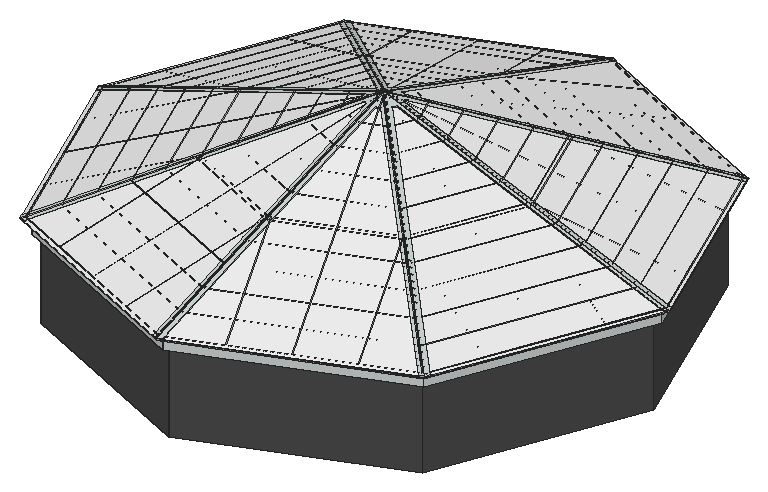
Revit family "Straight Rafter Circular Skylight", category Generic Models, host Roof, Revit 2018
Family settings
  Host = Roof
  Can host rebar = No
  Round Connector Dimension = Use Diameter
  Part Type = Normal
  Always vertical = No
  Cut with Voids When Loaded = Yes
  Shared = Yes
  Room Calculation Point = No
Parameters (values of type "KCRF Aluminum #79")
  WP To WP Input Check [instance] = 2 * sin(Angle X Input Check / 2) * (Real OCD / 2 - 0' 1")  # 0' - 0"
  WP To WP [instance] = 2 * sin(Half Angle X) * (Real OCD / 2 - 0' 1")  # 7' - 7.07866"
  Void Radius [instance] = (Real OCD / 2) - Curb Width / cos(Half Angle X) + 0' 0 1/2"  # 8' - 11.51129"
  URL = "https://www.structuresunlimitedinc.com/sui-3d-details/sui-straight-rafter-circular-skylight/"
  Top Of Rafter [instance] = Cope Height + Flat Rafter Length * tan(Hip Pitch)  # 3' - 7.23184"
  Roof Pitch [instance] = 20.00°
  Real Roof Pitch [instance] = if(Roof Pitch < 11.77°, 11.77°, if(Roof Pitch > 45.00°, 45.00°, Roof Pitch))  # 20.00°
  Real OCD [instance] = if(OCD < 12' 0", 12' 0", if(OCD > 90' 0", 90' 0", OCD))  # 20' - 0"
  Real Number Of Sides [instance] = if(WP To WP Input Check < 6' 0", Number Of Sides Calc Even, if(WP To WP Input Check > 10' 6", Number Of Sides Calc Even, Number Of Sides))  # 8
  Rafter Offset [instance] = Real OCD / 2 - 0' 1"  # 9' - 11"
  Radial Angle [instance] = 360.00° - Angle X  # 315.00°
  Panel Angle [instance] = atan(tan(90.00° - Half Angle X) / cos(Real Roof Pitch))  # 68.7323°
  OCD [instance] = 20' - 0"
  Number Of Sides Calc Even [instance] = if(Even Number Of Sides Calc, Number Of Sides Calc, Number Of Sides Calc + 1)  # 8
  Number Of Sides Calc [instance] = 360.00° / Angle X Calc  # 8
  Number Of Sides [instance] = 1
  Model = "Straight Rafter Circular Skylight"
  Manufacturer = "Structures Unlimited, Inc."
  KCRF = KCRF Aluminum #79
  Interior Curb Material [instance] = Gypsum Wall Board
  Hip Pitch [instance] = atan((tan(90.00° - Half Angle X) * tan(Real Roof Pitch)) / (1 / cos(90.00° - Half Angle X)))  # 18.586°
  Half Angle X [instance] = Angle X / 2  # 22.50°
  Flat Rafter Length [instance] = Real OCD / 2 - Comp Ring Width / 2 - (Beam Width / 2) / tan(90.00° - Half Angle X) - 0' 1"  # 9' - 2.72183"
  Exterior Curb Material [instance] = Roofing, EPDM Membrane
  Even Number Of Sides Calc [instance] = roundup(Number Of Sides Calc / 2) = rounddown(Number Of Sides Calc / 2)  # yes
  Dihedral Angle [instance] = atan(sin(Hip Pitch) / tan(90.00° - Half Angle X))  # 7.52076°
  Description = "Leave Number Of Sides at 1 for default number, custom numbers allowed that keep curb side length betwen 6' - 10'-6\""
  Curb Height [instance] = 3' - 0"
  Cope Height [instance] = 0' - 6"  # constant formula
  Comp Ring Width [instance] = (((Beam Width + 0' 1") / 2) / tan(Half Angle X)) * 2  # 1' - 2.48528"
  Beam Width [instance] = 0' - 5"  # constant formula
  Beam Height [instance] = 0' - 10"  # constant formula
  Outer Radius [instance] = Real OCD / 2  # 10' - 0"
  Inner Radius [instance] = Real OCD / 2 - Curb Width  # 9' - 0"
  Curb Width [instance] = 1' - 0"  # constant formula
  Angle X Input Check [instance] = 360.00° / Number Of Sides  # 360.00°
  Angle X Calc [instance] = 2 * asin(4' 0" / Outer Radius)  # 47.1564°
  Angle X [instance] = 360.00° / Real Number Of Sides  # 45.00°
Reference planes (in)
  plane 1 "Center (Front/Back)": y = 0
  plane 2 "Roof": z = 144
  plane 3 "Center (Left/Right)": x = 0
  plane 4: y = 0
  plane 5: z = 180
  plane 6: z = 223.23184
Lines and regions (in)
  Opening 1
    outline origin (0, 0, 150) x (0, 1, 0) y (-1, 0, 0)
      loop
        circle (0, 0) r 107.51129
Dimensions and locks (in)
  equal spacing: host sketch curve, plane 3 "Center (Left/Right)", host sketch curve
  equal spacing: host sketch curve, plane 1 "Center (Front/Back)", host sketch curve
  locked: plane 1 "Center (Front/Back)" to plane 4 at 0
  "Curb Height": plane 5 to plane 2 "Roof"
  "Top Of Rafter": plane 6 to plane 5
  locked: plane 3 "Center (Left/Right)" to nested 17 at 0
  locked: plane 1 "Center (Front/Back)" to nested 17 at 0
  locked: plane 3 "Center (Left/Right)" to nested 2 at 0
  locked: nested 2 to plane 1 "Center (Front/Back)" at 0
  locked: plane 1 "Center (Front/Back)" to nested 4 at 0
  locked: plane 3 "Center (Left/Right)" to nested 4 at 0
  locked: plane 1 "Center (Front/Back)" to Opening 1 sketch curve at 0
  locked: plane 3 "Center (Left/Right)" to Opening 1 sketch curve
  "Void Radius": radius of Opening 1 sketch curve
  "Half Angle X": angle plane 3 "Center (Left/Right)" to nested 2
  "Half Angle X": angle nested 3 to plane 3 "Center (Left/Right)"
  "Half Angle X": angle nested 4 to plane 3 "Center (Left/Right)"
  aligned and locked: plane 2 "Roof" to level
  aligned and locked: plane 5 to nested 1
  aligned and locked: plane 5 to nested 2
  aligned and locked: plane 5 to nested 4
  aligned and locked: plane 3 "Center (Left/Right)" to nested 13
  aligned and locked: nested 13 to plane 4
  aligned and locked: plane 6 to nested 13
  aligned and locked: nested 1 to plane 3 "Center (Left/Right)"
  aligned and locked: plane 1 "Center (Front/Back)" to nested 1
Nested families (in)
  nested 1: "Straight Rafter Circular Beam Array" at (0, 0, 180), Angle X <- "Angle X", Beam Height <- "Beam Height", Beam Width <- "Beam Width", Comp Ring Width <- "Comp Ring Width", Cope Height <- "Cope Height", Flat Rafter Length <- "Flat Rafter Length", Hip Pitch <- "Hip Pitch", Number Of Sides <- "Real Number Of Sides", CRF <- "KCRF", New Angle X <- "Angle X", type "Straight Rafter Circular Beam Array"
    with Number Of Sides 8, New Angle X 45.00°, Hip Pitch 18.586°, Flat Rafter Length 9' - 2.72183", Cope Height 0' - 6", Comp Ring Width 1' - 2.48528", CRF KCRF Aluminum #79, Beam Width 0' - 5", Beam Height 0' - 10", Angle X 45.00°
  nested 2: "Straight Rafter Circular Eave Strut Array" at (0, 0, 180) x (0.9239, 0.3827, 0) z (0, 0, 1), Angle X <- "Angle X", Cope Height <- "Cope Height", New Angle X <- "Angle X", Roof Pitch <- "Real Roof Pitch", WP To WP <- "WP To WP", Number Of Sides <- "Real Number Of Sides", CRF <- "KCRF", type "Straight Rafter Circular Eave Strut Array"
    with WP To WP 7' - 7.07866", Roof Pitch 20.00°, Number Of Sides 8, New Angle X 45.00°, Eave Strut Width 0' - 4", Cope Height 0' - 6", CRF KCRF Aluminum #79, Angle X 45.00°
  nested 3: "Straight Rafter Circular Curb Array" at (0, 0, 144) x (0.9239, -0.3827, 0) z (0, 0, 1), Angle X <- "Angle X", Curb Height <- "Curb Height", Curb Width <- "Curb Width", New Angle X <- "Angle X", OCD <- "Real OCD", Number Of Sides <- "Real Number Of Sides", Exterior Curb Material <- "Exterior Curb Material", Interior Curb Material <- "Interior Curb Material", type "Straight Rafter Circular Curb Array"
    with OCD 20' - 0", Number Of Sides 8, New Angle X 45.00°, Interior Curb Material Gypsum Wall Board, Exterior Curb Material Roofing, EPDM Membrane, Curb Width 1' - 0", Curb Height 3' - 0", Angle X 45.00°
  nested 4: "Straight Rafter Circular Panels Array" at (0, 0, 180) x (0.9239, -0.3827, 0) z (0, 0, 1), Panel Angle <- "Panel Angle", Number Of Sides <- "Real Number Of Sides", Cope Height <- "Cope Height", Angle X <- "Angle X", CRF <- "KCRF", New Angle X <- "Angle X", OCD <- "Real OCD", Roof Pitch <- "Real Roof Pitch", type "Straight Rafter Circular Panels Array"
    with Roof Pitch 20.00°, Panel Angle 68.7323°, OCD 20' - 0", Number Of Sides 8, New Angle X 45.00°, Cope Height 0' - 6", CRF KCRF Aluminum #79, Angle X 45.00°
  nested 5: "Straight Rafter Circular Panels Setup" at (0, 0, 180) x (0.3827, -0.9239, 0) z (0, 0, 1), type "Straight Rafter Circular Panels Setup"
    with Roof Pitch 20.00°, Panel Offset 0' - 5.32089", Panel Angle 68.7323°, OCD 20' - 0", Horizontal PD 7' - 10.48124", Half Angle X 22.50°, Cope Height 0' - 6", CTR To Strut 9' - 1.94166", CRF KCRF Aluminum #79, Angle X 45.00°
  nested 6: "Straight Rafter Circular Panels Setup" at (0, 0, 180) x (0.9239, 0.3827, 0) z (0, 0, 1), type "Straight Rafter Circular Panels Setup"
    with Roof Pitch 20.00°, Panel Offset 0' - 5.32089", Panel Angle 68.7323°, OCD 20' - 0", Horizontal PD 7' - 10.48124", Half Angle X 22.50°, Cope Height 0' - 6", CTR To Strut 9' - 1.94166", CRF KCRF Aluminum #79, Angle X 45.00°
  nested 7: "Straight Rafter Circular Panels Setup" at (0, 0, 180) x (0.9239, -0.3827, 0) z (0, 0, 1), type "Straight Rafter Circular Panels Setup"
    with Roof Pitch 20.00°, Panel Offset 0' - 5.32089", Panel Angle 68.7323°, OCD 20' - 0", Horizontal PD 7' - 10.48124", Half Angle X 22.50°, Cope Height 0' - 6", CTR To Strut 9' - 1.94166", CRF KCRF Aluminum #79, Angle X 45.00°
  nested 8: "Straight Rafter Circular Panels" at (-106.19225, -43.98627, 184.18015) x (0.3827, -0.9239, 0) z (-0.316, -0.1309, 0.9397), type "Straight Rafter Circular Panels"
    with Vertical Grid Spacing 1' - 0", Panel Skin Thickness 0' - 0.063", Panel Angle 68.7323°, Overlap Width 0' - 1 3/4", Overlap Offset 0' - 0 7/8", IBeam Width 0' - 0 1/2", IBeam Thickness 0' - 2 5/8", Horizontal PD 7' - 10.48124", Horizontal Grid Spacing 2' - 0", Half IBeam Width 0' - 0 1/4", Half Horizontal PD 3' - 11.24062", CRF KCRF Aluminum #79, Bay Spacing 8' - 0", Batten Width 0' - 2", Batten Thickness 0' - 0 1/8"
  nested 9: "Straight Rafter Circular Panels" at (43.98627, -106.19225, 184.18015) x (0.9239, 0.3827, 0) z (0.1309, -0.316, 0.9397), type "Straight Rafter Circular Panels"
    with Vertical Grid Spacing 1' - 0", Panel Skin Thickness 0' - 0.063", Panel Angle 68.7323°, Overlap Width 0' - 1 3/4", Overlap Offset 0' - 0 7/8", IBeam Width 0' - 0 1/2", IBeam Thickness 0' - 2 5/8", Horizontal PD 7' - 10.48124", Horizontal Grid Spacing 2' - 0", Half IBeam Width 0' - 0 1/4", Half Horizontal PD 3' - 11.24062", CRF KCRF Aluminum #79, Bay Spacing 8' - 0", Batten Width 0' - 2", Batten Thickness 0' - 0 1/8"
  nested 10: "Straight Rafter Circular Panels" at (-43.98627, -106.19225, 184.18015) x (0.9239, -0.3827, 0) z (-0.1309, -0.316, 0.9397), type "Straight Rafter Circular Panels"
    with Vertical Grid Spacing 1' - 0", Panel Skin Thickness 0' - 0.063", Panel Angle 68.7323°, Overlap Width 0' - 1 3/4", Overlap Offset 0' - 0 7/8", IBeam Width 0' - 0 1/2", IBeam Thickness 0' - 2 5/8", Horizontal PD 7' - 10.48124", Horizontal Grid Spacing 2' - 0", Half IBeam Width 0' - 0 1/4", Half Horizontal PD 3' - 11.24062", CRF KCRF Aluminum #79, Bay Spacing 8' - 0", Batten Width 0' - 2", Batten Thickness 0' - 0 1/8"
  nested 11: "Straight Rafter Circular Panels Setup" at (0, 0, 180) x (0.3827, 0.9239, 0) z (0, 0, 1), type "Straight Rafter Circular Panels Setup"
    with Roof Pitch 20.00°, Panel Offset 0' - 5.32089", Panel Angle 68.7323°, OCD 20' - 0", Horizontal PD 7' - 10.48124", Half Angle X 22.50°, Cope Height 0' - 6", CTR To Strut 9' - 1.94166", CRF KCRF Aluminum #79, Angle X 45.00°
  nested 12: "Straight Rafter Circular Panels" at (106.19225, -43.98627, 184.18015) x (0.3827, 0.9239, 0) z (0.316, -0.1309, 0.9397), type "Straight Rafter Circular Panels"
    with Vertical Grid Spacing 1' - 0", Panel Skin Thickness 0' - 0.063", Panel Angle 68.7323°, Overlap Width 0' - 1 3/4", Overlap Offset 0' - 0 7/8", IBeam Width 0' - 0 1/2", IBeam Thickness 0' - 2 5/8", Horizontal PD 7' - 10.48124", Horizontal Grid Spacing 2' - 0", Half IBeam Width 0' - 0 1/4", Half Horizontal PD 3' - 11.24062", CRF KCRF Aluminum #79, Bay Spacing 8' - 0", Batten Width 0' - 2", Batten Thickness 0' - 0 1/8"
  nested 13: "Straight Rafter Circular Comp Ring Array" at (0, 0, 223.23184), CRF <- "KCRF", Angle X <- "Angle X", Angle X Two <- "Angle X", Beam Height <- "Beam Height", Comp Ring Width <- "Comp Ring Width", Hip Pitch <- "Hip Pitch", Number Of Sides <- "Real Number Of Sides", type "Straight Rafter Circular Comp Ring Array"
    with Number Of Sides 8, Hip Pitch 18.586°, Comp Ring Width 1' - 2.48528", CRF KCRF Aluminum #79, Beam Height 0' - 10", Angle X Two 45.00°, Angle X 45.00°
  nested 14: "Straight Rafter Circular Curb" at (0, 0, 144) x (0.3827, 0.9239, 0) z (0, 0, 1), type "Straight Rafter Circular Curb"
    with OCD 20' - 0", Interior Curb Material Gypsum Wall Board, Half Angle X 22.50°, Exterior Curb Material Roofing, EPDM Membrane, Curb Width 1' - 0", Curb Offset 9' - 2.86554", Curb Height 3' - 0", Angle X 45.00°
  nested 15: "Straight Rafter Circular Curb" at (0, 0, 144) x (0.9239, 0.3827, 0) z (0, 0, 1), type "Straight Rafter Circular Curb"
    with OCD 20' - 0", Interior Curb Material Gypsum Wall Board, Half Angle X 22.50°, Exterior Curb Material Roofing, EPDM Membrane, Curb Width 1' - 0", Curb Offset 9' - 2.86554", Curb Height 3' - 0", Angle X 45.00°
  nested 16: "Straight Rafter Circular Curb" at (0, 0, 144) x (0.3827, -0.9239, 0) z (0, 0, 1), type "Straight Rafter Circular Curb"
    with OCD 20' - 0", Interior Curb Material Gypsum Wall Board, Half Angle X 22.50°, Exterior Curb Material Roofing, EPDM Membrane, Curb Width 1' - 0", Curb Offset 9' - 2.86554", Curb Height 3' - 0", Angle X 45.00°
  nested 17: "Straight Rafter Circular Curb" at (0, 0, 144) x (0.9239, -0.3827, 0) z (0, 0, 1), type "Straight Rafter Circular Curb"
    with OCD 20' - 0", Interior Curb Material Gypsum Wall Board, Half Angle X 22.50°, Exterior Curb Material Roofing, EPDM Membrane, Curb Width 1' - 0", Curb Offset 9' - 2.86554", Curb Height 3' - 0", Angle X 45.00°
  nested 18: "Straight Rafter Circular Beam" at (0, 0, 180) x (0, 1, 0) z (0, 0, 1), type "Straight Rafter Circular Beam"
    with Hip Pitch 18.586°, Flat Rafter Length 9' - 2.72183", Cope Height 0' - 6", Comp Ring Width 1' - 2.48528", CRF KCRF Aluminum #79, Beam Width 0' - 5", Beam Height 0' - 10"
  nested 19: "Straight Rafter Circular Beam" at (0, 0, 180) x (0.7071, 0.7071, 0) z (0, 0, 1), type "Straight Rafter Circular Beam"
    with Hip Pitch 18.586°, Flat Rafter Length 9' - 2.72183", Cope Height 0' - 6", Comp Ring Width 1' - 2.48528", CRF KCRF Aluminum #79, Beam Width 0' - 5", Beam Height 0' - 10"
  nested 20: "Straight Rafter Circular Beam" at (0, 0, 180) x (0.7071, -0.7071, 0) z (0, 0, 1), type "Straight Rafter Circular Beam"
    with Hip Pitch 18.586°, Flat Rafter Length 9' - 2.72183", Cope Height 0' - 6", Comp Ring Width 1' - 2.48528", CRF KCRF Aluminum #79, Beam Width 0' - 5", Beam Height 0' - 10"
  nested 21: "Straight Rafter Circular Beam" at (0, 0, 180), type "Straight Rafter Circular Beam"
    with Hip Pitch 18.586°, Flat Rafter Length 9' - 2.72183", Cope Height 0' - 6", Comp Ring Width 1' - 2.48528", CRF KCRF Aluminum #79, Beam Width 0' - 5", Beam Height 0' - 10"
  nested 22: "Straight Rafter Circular Beam" at (0, 0, 180) x (0, -1, 0) z (0, 0, 1), type "Straight Rafter Circular Beam"
    with Hip Pitch 18.586°, Flat Rafter Length 9' - 2.72183", Cope Height 0' - 6", Comp Ring Width 1' - 2.48528", CRF KCRF Aluminum #79, Beam Width 0' - 5", Beam Height 0' - 10"
  nested 23: "Straight Rafter Circular Beam" at (0, 0, 180) x (-0.7071, -0.7071, 0) z (0, 0, 1), type "Straight Rafter Circular Beam"
    with Hip Pitch 18.586°, Flat Rafter Length 9' - 2.72183", Cope Height 0' - 6", Comp Ring Width 1' - 2.48528", CRF KCRF Aluminum #79, Beam Width 0' - 5", Beam Height 0' - 10"
  nested 24: "Straight Rafter Circular Beam" at (0, 0, 180) x (-1, 0, 0) z (0, 0, 1), type "Straight Rafter Circular Beam"
    with Hip Pitch 18.586°, Flat Rafter Length 9' - 2.72183", Cope Height 0' - 6", Comp Ring Width 1' - 2.48528", CRF KCRF Aluminum #79, Beam Width 0' - 5", Beam Height 0' - 10"
  nested 25: "Straight Rafter Circular Beam" at (0, 0, 180) x (-0.7071, 0.7071, 0) z (0, 0, 1), type "Straight Rafter Circular Beam"
    with Hip Pitch 18.586°, Flat Rafter Length 9' - 2.72183", Cope Height 0' - 6", Comp Ring Width 1' - 2.48528", CRF KCRF Aluminum #79, Beam Width 0' - 5", Beam Height 0' - 10"
  nested 26: "Straight Rafter Circular Curb" at (0, 0, 144) x (-0.3827, -0.9239, 0) z (0, 0, 1), type "Straight Rafter Circular Curb"
    with OCD 20' - 0", Interior Curb Material Gypsum Wall Board, Half Angle X 22.50°, Exterior Curb Material Roofing, EPDM Membrane, Curb Width 1' - 0", Curb Offset 9' - 2.86554", Curb Height 3' - 0", Angle X 45.00°
  nested 27: "Straight Rafter Circular Curb" at (0, 0, 144) x (-0.9239, -0.3827, 0) z (0, 0, 1), type "Straight Rafter Circular Curb"
    with OCD 20' - 0", Interior Curb Material Gypsum Wall Board, Half Angle X 22.50°, Exterior Curb Material Roofing, EPDM Membrane, Curb Width 1' - 0", Curb Offset 9' - 2.86554", Curb Height 3' - 0", Angle X 45.00°
  nested 28: "Straight Rafter Circular Curb" at (0, 0, 144) x (-0.9239, 0.3827, 0) z (0, 0, 1), type "Straight Rafter Circular Curb"
    with OCD 20' - 0", Interior Curb Material Gypsum Wall Board, Half Angle X 22.50°, Exterior Curb Material Roofing, EPDM Membrane, Curb Width 1' - 0", Curb Offset 9' - 2.86554", Curb Height 3' - 0", Angle X 45.00°
  nested 29: "Straight Rafter Circular Curb" at (0, 0, 144) x (-0.3827, 0.9239, 0) z (0, 0, 1), type "Straight Rafter Circular Curb"
    with OCD 20' - 0", Interior Curb Material Gypsum Wall Board, Half Angle X 22.50°, Exterior Curb Material Roofing, EPDM Membrane, Curb Width 1' - 0", Curb Offset 9' - 2.86554", Curb Height 3' - 0", Angle X 45.00°
  nested 30: "Straight Rafter Circular Panels Setup" at (0, 0, 180) x (-0.3827, -0.9239, 0) z (0, 0, 1), type "Straight Rafter Circular Panels Setup"
    with Roof Pitch 20.00°, Panel Offset 0' - 5.32089", Panel Angle 68.7323°, OCD 20' - 0", Horizontal PD 7' - 10.48124", Half Angle X 22.50°, Cope Height 0' - 6", CTR To Strut 9' - 1.94166", CRF KCRF Aluminum #79, Angle X 45.00°
  nested 31: "Straight Rafter Circular Panels Setup" at (0, 0, 180) x (-0.9239, -0.3827, 0) z (0, 0, 1), type "Straight Rafter Circular Panels Setup"
    with Roof Pitch 20.00°, Panel Offset 0' - 5.32089", Panel Angle 68.7323°, OCD 20' - 0", Horizontal PD 7' - 10.48124", Half Angle X 22.50°, Cope Height 0' - 6", CTR To Strut 9' - 1.94166", CRF KCRF Aluminum #79, Angle X 45.00°
  nested 32: "Straight Rafter Circular Panels Setup" at (0, 0, 180) x (-0.9239, 0.3827, 0) z (0, 0, 1), type "Straight Rafter Circular Panels Setup"
    with Roof Pitch 20.00°, Panel Offset 0' - 5.32089", Panel Angle 68.7323°, OCD 20' - 0", Horizontal PD 7' - 10.48124", Half Angle X 22.50°, Cope Height 0' - 6", CTR To Strut 9' - 1.94166", CRF KCRF Aluminum #79, Angle X 45.00°
  nested 33: "Straight Rafter Circular Panels Setup" at (0, 0, 180) x (-0.3827, 0.9239, 0) z (0, 0, 1), type "Straight Rafter Circular Panels Setup"
    with Roof Pitch 20.00°, Panel Offset 0' - 5.32089", Panel Angle 68.7323°, OCD 20' - 0", Horizontal PD 7' - 10.48124", Half Angle X 22.50°, Cope Height 0' - 6", CTR To Strut 9' - 1.94166", CRF KCRF Aluminum #79, Angle X 45.00°
  nested 34: "Straight Rafter Circular Panels" at (-106.19225, 43.98627, 184.18015) x (-0.3827, -0.9239, 0) z (-0.316, 0.1309, 0.9397), type "Straight Rafter Circular Panels"
    with Vertical Grid Spacing 1' - 0", Panel Skin Thickness 0' - 0.063", Panel Angle 68.7323°, Overlap Width 0' - 1 3/4", Overlap Offset 0' - 0 7/8", IBeam Width 0' - 0 1/2", IBeam Thickness 0' - 2 5/8", Horizontal PD 7' - 10.48124", Horizontal Grid Spacing 2' - 0", Half IBeam Width 0' - 0 1/4", Half Horizontal PD 3' - 11.24062", CRF KCRF Aluminum #79, Bay Spacing 8' - 0", Batten Width 0' - 2", Batten Thickness 0' - 0 1/8"
  nested 35: "Straight Rafter Circular Panels" at (-43.98627, 106.19225, 184.18015) x (-0.9239, -0.3827, 0) z (-0.1309, 0.316, 0.9397), type "Straight Rafter Circular Panels"
    with Vertical Grid Spacing 1' - 0", Panel Skin Thickness 0' - 0.063", Panel Angle 68.7323°, Overlap Width 0' - 1 3/4", Overlap Offset 0' - 0 7/8", IBeam Width 0' - 0 1/2", IBeam Thickness 0' - 2 5/8", Horizontal PD 7' - 10.48124", Horizontal Grid Spacing 2' - 0", Half IBeam Width 0' - 0 1/4", Half Horizontal PD 3' - 11.24062", CRF KCRF Aluminum #79, Bay Spacing 8' - 0", Batten Width 0' - 2", Batten Thickness 0' - 0 1/8"
  nested 36: "Straight Rafter Circular Panels" at (43.98627, 106.19225, 184.18015) x (-0.9239, 0.3827, 0) z (0.1309, 0.316, 0.9397), type "Straight Rafter Circular Panels"
    with Vertical Grid Spacing 1' - 0", Panel Skin Thickness 0' - 0.063", Panel Angle 68.7323°, Overlap Width 0' - 1 3/4", Overlap Offset 0' - 0 7/8", IBeam Width 0' - 0 1/2", IBeam Thickness 0' - 2 5/8", Horizontal PD 7' - 10.48124", Horizontal Grid Spacing 2' - 0", Half IBeam Width 0' - 0 1/4", Half Horizontal PD 3' - 11.24062", CRF KCRF Aluminum #79, Bay Spacing 8' - 0", Batten Width 0' - 2", Batten Thickness 0' - 0 1/8"
  nested 37: "Straight Rafter Circular Panels" at (106.19225, 43.98627, 184.18015) x (-0.3827, 0.9239, 0) z (0.316, 0.1309, 0.9397), type "Straight Rafter Circular Panels"
    with Vertical Grid Spacing 1' - 0", Panel Skin Thickness 0' - 0.063", Panel Angle 68.7323°, Overlap Width 0' - 1 3/4", Overlap Offset 0' - 0 7/8", IBeam Width 0' - 0 1/2", IBeam Thickness 0' - 2 5/8", Horizontal PD 7' - 10.48124", Horizontal Grid Spacing 2' - 0", Half IBeam Width 0' - 0 1/4", Half Horizontal PD 3' - 11.24062", CRF KCRF Aluminum #79, Bay Spacing 8' - 0", Batten Width 0' - 2", Batten Thickness 0' - 0 1/8"
Definition of nested family "Straight Rafter Circular Eave Strut Array"
  Parameters (values of type "Straight Rafter Circular Eave Strut Array")
    WP To WP [instance] = 10' - 0"
    Roof Pitch [instance] = 22.00°
    Number Of Sides [instance] = 10
    New Angle X [instance] = 0.00°
    Eave Strut Width [instance] = 0' - 4"
    Cope Height [instance] = 0' - 6"
    CRF [instance] = none
    Angle X [instance] = 40.00°
  Reference planes (in)
    plane 1 "Center (Front/Back)": y = 0
    plane 2: z = 0
    plane 3 "Center (Left/Right)": x = 0
  Lines and regions (in)
    reference lines
      curve 1: line (0, 0, 0) -> (309.71277, -309.71277, 0)
  Dimensions and locks (in)
    locked: curve 1 to plane 1 "Center (Front/Back)" at 0
    locked: plane 3 "Center (Left/Right)" to curve 1
    "New Angle X": angle radial array to radial array
    aligned and locked: plane 2 to level
    aligned and locked: nested 1 to plane 3 "Center (Left/Right)"
    aligned and locked: nested 1 to plane 1 "Center (Front/Back)"
    aligned and locked: plane 2 to nested 1
  Automatic sketch dimensions
    plane 3 "Center (Left/Right)" to curve 1 = 25' - 9.71277"
    plane 1 "Center (Front/Back)" to curve 1 = 25' - 9.71277"
  Nested families (in)
    nested 1: "Straight Rafter Circular Eave Strut" at (0, 0, 0), WP To WP <- "WP To WP", Cope Height <- "Cope Height", Angle X <- "Angle X", CRF <- "CRF", Eave Strut Width <- "Eave Strut Width", Roof Pitch <- "Roof Pitch", type "Straight Rafter Circular Eave Strut"
      with WP To WP 10' - 0", Roof Pitch 22.00°, Ridge Width 0' - 2", Ridge Offset 0' - 8.24243", Panel Offset 0' - 5.39267", Overlap Offset 0' - 7.14267", Miter Angle 70.00°, Eave Strut Width 0' - 4", Eave Strut Offset 0' - 4.31414", Drip Offset 0' - 5.51767", Dist 2 Center 13' - 8.84865", Cope Height 0' - 6", CRF none, Angle X 40.00°
    nested 2: "Straight Rafter Circular Eave Strut" at (0, 0, 0) x (0.809, -0.5878, 0) z (0, 0, 1), WP To WP <- "WP To WP", Cope Height <- "Cope Height", Angle X <- "Angle X", CRF <- "CRF", Eave Strut Width <- "Eave Strut Width", Roof Pitch <- "Roof Pitch", type "Straight Rafter Circular Eave Strut"
      with WP To WP 10' - 0", Roof Pitch 22.00°, Ridge Width 0' - 2", Ridge Offset 0' - 8.24243", Panel Offset 0' - 5.39267", Overlap Offset 0' - 7.14267", Miter Angle 70.00°, Eave Strut Width 0' - 4", Eave Strut Offset 0' - 4.31414", Drip Offset 0' - 5.51767", Dist 2 Center 13' - 8.84865", Cope Height 0' - 6", CRF none, Angle X 40.00°
    nested 3: "Straight Rafter Circular Eave Strut" at (0, 0, 0) x (0.809, 0.5878, 0) z (0, 0, 1), WP To WP <- "WP To WP", Cope Height <- "Cope Height", Angle X <- "Angle X", CRF <- "CRF", Eave Strut Width <- "Eave Strut Width", Roof Pitch <- "Roof Pitch", type "Straight Rafter Circular Eave Strut"
      with WP To WP 10' - 0", Roof Pitch 22.00°, Ridge Width 0' - 2", Ridge Offset 0' - 8.24243", Panel Offset 0' - 5.39267", Overlap Offset 0' - 7.14267", Miter Angle 70.00°, Eave Strut Width 0' - 4", Eave Strut Offset 0' - 4.31414", Drip Offset 0' - 5.51767", Dist 2 Center 13' - 8.84865", Cope Height 0' - 6", CRF none, Angle X 40.00°
    nested 4: "Straight Rafter Circular Eave Strut" at (0, 0, 0) x (0.309, 0.9511, 0) z (0, 0, 1), WP To WP <- "WP To WP", Cope Height <- "Cope Height", Angle X <- "Angle X", CRF <- "CRF", Eave Strut Width <- "Eave Strut Width", Roof Pitch <- "Roof Pitch", type "Straight Rafter Circular Eave Strut"
      with WP To WP 10' - 0", Roof Pitch 22.00°, Ridge Width 0' - 2", Ridge Offset 0' - 8.24243", Panel Offset 0' - 5.39267", Overlap Offset 0' - 7.14267", Miter Angle 70.00°, Eave Strut Width 0' - 4", Eave Strut Offset 0' - 4.31414", Drip Offset 0' - 5.51767", Dist 2 Center 13' - 8.84865", Cope Height 0' - 6", CRF none, Angle X 40.00°
    nested 5: "Straight Rafter Circular Eave Strut" at (0, 0, 0) x (-0.309, 0.9511, 0) z (0, 0, 1), WP To WP <- "WP To WP", Cope Height <- "Cope Height", Angle X <- "Angle X", CRF <- "CRF", Eave Strut Width <- "Eave Strut Width", Roof Pitch <- "Roof Pitch", type "Straight Rafter Circular Eave Strut"
      with WP To WP 10' - 0", Roof Pitch 22.00°, Ridge Width 0' - 2", Ridge Offset 0' - 8.24243", Panel Offset 0' - 5.39267", Overlap Offset 0' - 7.14267", Miter Angle 70.00°, Eave Strut Width 0' - 4", Eave Strut Offset 0' - 4.31414", Drip Offset 0' - 5.51767", Dist 2 Center 13' - 8.84865", Cope Height 0' - 6", CRF none, Angle X 40.00°
    nested 6: "Straight Rafter Circular Eave Strut" at (0, 0, 0) x (-0.809, 0.5878, 0) z (0, 0, 1), WP To WP <- "WP To WP", Cope Height <- "Cope Height", Angle X <- "Angle X", CRF <- "CRF", Eave Strut Width <- "Eave Strut Width", Roof Pitch <- "Roof Pitch", type "Straight Rafter Circular Eave Strut"
      with WP To WP 10' - 0", Roof Pitch 22.00°, Ridge Width 0' - 2", Ridge Offset 0' - 8.24243", Panel Offset 0' - 5.39267", Overlap Offset 0' - 7.14267", Miter Angle 70.00°, Eave Strut Width 0' - 4", Eave Strut Offset 0' - 4.31414", Drip Offset 0' - 5.51767", Dist 2 Center 13' - 8.84865", Cope Height 0' - 6", CRF none, Angle X 40.00°
    nested 7: "Straight Rafter Circular Eave Strut" at (0, 0, 0) x (-1, 0, 0) z (0, 0, 1), WP To WP <- "WP To WP", Cope Height <- "Cope Height", Angle X <- "Angle X", CRF <- "CRF", Eave Strut Width <- "Eave Strut Width", Roof Pitch <- "Roof Pitch", type "Straight Rafter Circular Eave Strut"
      with WP To WP 10' - 0", Roof Pitch 22.00°, Ridge Width 0' - 2", Ridge Offset 0' - 8.24243", Panel Offset 0' - 5.39267", Overlap Offset 0' - 7.14267", Miter Angle 70.00°, Eave Strut Width 0' - 4", Eave Strut Offset 0' - 4.31414", Drip Offset 0' - 5.51767", Dist 2 Center 13' - 8.84865", Cope Height 0' - 6", CRF none, Angle X 40.00°
    nested 8: "Straight Rafter Circular Eave Strut" at (0, 0, 0) x (-0.809, -0.5878, 0) z (0, 0, 1), WP To WP <- "WP To WP", Cope Height <- "Cope Height", Angle X <- "Angle X", CRF <- "CRF", Eave Strut Width <- "Eave Strut Width", Roof Pitch <- "Roof Pitch", type "Straight Rafter Circular Eave Strut"
      with WP To WP 10' - 0", Roof Pitch 22.00°, Ridge Width 0' - 2", Ridge Offset 0' - 8.24243", Panel Offset 0' - 5.39267", Overlap Offset 0' - 7.14267", Miter Angle 70.00°, Eave Strut Width 0' - 4", Eave Strut Offset 0' - 4.31414", Drip Offset 0' - 5.51767", Dist 2 Center 13' - 8.84865", Cope Height 0' - 6", CRF none, Angle X 40.00°
    nested 9: "Straight Rafter Circular Eave Strut" at (0, 0, 0) x (-0.309, -0.9511, 0) z (0, 0, 1), WP To WP <- "WP To WP", Cope Height <- "Cope Height", Angle X <- "Angle X", CRF <- "CRF", Eave Strut Width <- "Eave Strut Width", Roof Pitch <- "Roof Pitch", type "Straight Rafter Circular Eave Strut"
      with WP To WP 10' - 0", Roof Pitch 22.00°, Ridge Width 0' - 2", Ridge Offset 0' - 8.24243", Panel Offset 0' - 5.39267", Overlap Offset 0' - 7.14267", Miter Angle 70.00°, Eave Strut Width 0' - 4", Eave Strut Offset 0' - 4.31414", Drip Offset 0' - 5.51767", Dist 2 Center 13' - 8.84865", Cope Height 0' - 6", CRF none, Angle X 40.00°
    nested 10: "Straight Rafter Circular Eave Strut" at (0, 0, 0) x (0.309, -0.9511, 0) z (0, 0, 1), WP To WP <- "WP To WP", Cope Height <- "Cope Height", Angle X <- "Angle X", CRF <- "CRF", Eave Strut Width <- "Eave Strut Width", Roof Pitch <- "Roof Pitch", type "Straight Rafter Circular Eave Strut"
      with WP To WP 10' - 0", Roof Pitch 22.00°, Ridge Width 0' - 2", Ridge Offset 0' - 8.24243", Panel Offset 0' - 5.39267", Overlap Offset 0' - 7.14267", Miter Angle 70.00°, Eave Strut Width 0' - 4", Eave Strut Offset 0' - 4.31414", Drip Offset 0' - 5.51767", Dist 2 Center 13' - 8.84865", Cope Height 0' - 6", CRF none, Angle X 40.00°
  Definition of nested family "Straight Rafter Circular Eave Strut"
    Parameters (values of type "Straight Rafter Circular Eave Strut")
      WP To WP [instance] = 7' - 8.087"
      Roof Pitch [instance] = 11.00°
      Ridge Width [instance] = 0' - 2"
      Ridge Offset [instance] = 0' 3" / tan(Angle X / 2)  # 0' - 11.19615"
      Panel Offset [instance] = 0' 5" / cos(Roof Pitch)  # 0' - 5.09358"
      Overlap Offset [instance] = Panel Offset + 0' 1 3/4"  # 0' - 6.84358"
      Miter Angle [instance] = 90.00° - Angle X / 2  # 75.00°
      Eave Strut Width [instance] = 0' - 4"
      Eave Strut Offset [instance] = Eave Strut Width / cos(Roof Pitch)  # 0' - 4.07487"
      Drip Offset [instance] = Panel Offset + 0' 0 1/8"  # 0' - 5.21858"
      Dist 2 Center [instance] = (WP To WP / 2) / tan(Angle X / 2)  # 14' - 3.83668"
      Cope Height [instance] = 0' - 7"
      CRF [instance] = none
      Angle X [instance] = 30.00°
    Reference planes (in)
      plane 1 "Center (Front/Back)": y = 0
      plane 2: z = 0
      plane 3 "Center (Left/Right)": x = 0
      plane 4: x = -46.0435
      plane 5: x = 46.0435
      plane 6: y = -171.83668
      plane 7: y = -175.83668
      plane 8: z = 7
      plane 9: x = -146.0435
      plane 10: x = 146.0435
      plane 11: x = -136.0435
      plane 12: x = 136.0435
      plane 13: z = 4000
      plane 14: y = 0
      plane 15: z = -50
      plane 16: y = -225.83668
      plane 17: y = -11.19615
    Forms (in)
      Extrusion 1, solid, material <- "CRF"
        sketch origin (0, 0, 0) x (0, 1, 0) y (0, 0, 1)
          loop
            line (-175.83668, 0) -> (-171.83668, 0) -> (-171.83668, 7) -> (-175.83668, 6.22248) -> (-175.83668, 0)
        from -120.66508 to 120.66508
      Extrusion 2, void
        sketch origin (0, 0, 0) x (1, 0, 0) y (0, 1, 0)
          loop
            line (-146.0435, -545.04176) -> (0, 0) -> (-146.0435, 0) -> (-146.0435, -545.04176)
        from -50 to 4000
      Extrusion 3, void
        sketch origin (0, 0, 0) x (1, 0, 0) y (0, 1, 0)
          loop
            line (0, 0) -> (146.0435, -545.04176) -> (146.0435, 0) -> (0, 0)
        from -50 to 4000
      Extrusion 4, void
        sketch origin (0, 0, 0) x (1, 0, 0) y (0, 1, 0)
          loop
            line (-58.4422, -225.83668) -> (58.4422, -225.83668) -> (0.92945, -11.19615) -> (-0.92945, -11.19615) -> (-58.4422, -225.83668)
        from -50 to 4000
      Extrusion 5, solid, material <- "CRF"
        sketch origin (0, 0, 0) x (0, 1, 0) y (0, 0, 1)
          loop
            line (-175.83668, 6.22248) -> (-176.83668, 6.0281) -> (-177.34948, 8.66622) -> (-179.06733, 8.33231) -> (-179.04348, 8.2096) -> (-177.44833, 8.51967) -> (-176.93553, 5.88154) -> (-175.81283, 6.09978) -> (-175.83668, 6.22248)
        from -136.0435 to 136.0435
      Extrusion 6, solid, material <- "CRF"
        sketch origin (0, 0, 0) x (0, 1, 0) y (0, 0, 1)
          loop
            line (-179.07925, 8.39366) -> (0, 43.20314) -> (0, 43.33048) -> (-179.1031, 8.51636) -> (-179.07925, 8.39366)
        from -136.0435 to 136.0435
    Cuts and joins
      Extrusion 2, Extrusion 3 cuts Extrusion 1
      Extrusion 2, Extrusion 3 cuts Extrusion 5
      Extrusion 2, Extrusion 3, Extrusion 4 cuts Extrusion 6
    Lines and regions (in)
      reference lines
        curve 1: line (0, -171.83668, 7) -> (0, -267.79074, -11.65158)
        curve 2: line (46.0435, -171.83668, 0) -> (0, 0, 0)
        curve 3: line (-46.0435, -171.83668, 0) -> (0, 0, 0)
        curve 4: line (0, -171.83668, 7) -> (0, -207.47026, 190.31888)
        curve 5: line (0, -156.84599, -97.47022) -> (0, -177.70049, 9.8169)
        curve 6: line (0, 289.573, 99.29942) -> (0, -234.18928, -2.50966)
        curve 7: line (0, -96.16445, -403.65562) -> (0, -172.39264, -11.49556)
        curve 8: line (0, -108.54419, 19.17547) -> (0, -178.53068, 5.57148)
        curve 9: line (0, -171.87483, -28.66991) -> (0, -179.56426, 10.88878)
        curve 10: line (0, -174.77743, -4.56582) -> (0, -177.44876, 9.17696)
        curve 11: line (0, -162.02479, 11.70871) -> (0, -227.79381, -1.07549)
        curve 12: line (0, -162.08205, 11.63391) -> (0, -231.17839, -1.79706)
        curve 13: line (0, -109.85293, 21.97723) -> (0, -463.92083, -46.8466)
        curve 14: line (103.43329, -393.74569, 0) -> (-50.30522, 180.01425, 0)
        curve 15: line (-38.85434, -152.73378, 0) -> (43.45011, 154.43063, 0)
    Dimensions and locks (in)
      "Eave Strut Width": plane 6 to plane 7
      equal spacing: plane 4, plane 3 "Center (Left/Right)", plane 5
      "Cope Height": plane 8 to plane 2
      "WP To WP": plane 4 to plane 5
      locked: plane 9 to plane 4 at 100
      locked: plane 5 to plane 10 at 100
      locked: plane 3 "Center (Left/Right)" to curve 3 at 0
      locked: curve 3 to plane 4
      locked: plane 5 to curve 2
      locked: plane 12 to plane 10 at 10
      locked: plane 9 to plane 11 at 10
      locked: plane 13 to plane 2 at 4000
      "Dist 2 Center": plane 14 to plane 6
      locked: plane 2 to plane 15 at 50
      locked: plane 7 to plane 16 at 50
      locked: curve 8 to curve 1 at 0.125
      locked: curve 1 to curve 11 at 2.75
      locked: curve 1 to curve 12 at 2.6875
      locked: curve 1 to curve 6 at 2.5625
      locked: curve 1 to curve 13 at 2.875
      "Eave Strut Offset": curve 7 to curve 4
      "Panel Offset": curve 10 to curve 4
      "Drip Offset": curve 5 to curve 4
      "Overlap Offset": curve 9 to curve 4
      "Ridge Width": curve 15 to curve 3
      "Ridge Width": curve 2 to curve 14
      "Ridge Offset": plane 14 to plane 17
      locked: plane 8 to curve 1
      locked: curve 1 to plane 6
      "Miter Angle": angle curve 2 to plane 6
      "Miter Angle": angle plane 6 to curve 3
      "Roof Pitch": angle curve 1 to plane 2
      "Roof Pitch": angle curve 13 to plane 2
      "Roof Pitch": angle curve 6 to plane 2
      "Roof Pitch": angle curve 8 to plane 2
      "Roof Pitch": angle curve 12 to plane 2
      "Roof Pitch": angle curve 11 to plane 2
      "Roof Pitch": angle curve 4 to plane 1 "Center (Front/Back)"
      "Roof Pitch": angle curve 10 to plane 1 "Center (Front/Back)"
      "Roof Pitch": angle curve 5 to plane 1 "Center (Front/Back)"
      "Roof Pitch": angle curve 9 to plane 1 "Center (Front/Back)"
      "Roof Pitch": angle curve 7 to plane 1 "Center (Front/Back)"
      "Miter Angle": angle curve 14 to plane 1 "Center (Front/Back)"
      "Miter Angle": angle plane 1 "Center (Front/Back)" to curve 15
      aligned and locked: level to plane 2
      aligned and locked: Extrusion 1 sketch curve to plane 7
      aligned and locked: curve 1 to Extrusion 1 sketch curve
      aligned and locked: plane 6 to Extrusion 1 sketch curve
      aligned and locked: Extrusion 1 sketch curve to plane 2
      aligned and locked: Extrusion 2 sketch curve to curve 3
      aligned and locked: Extrusion 2 sketch curve to plane 9
      aligned and locked: plane 13 to Extrusion 2
      aligned and locked: Extrusion 3 sketch curve to curve 2
      aligned and locked: Extrusion 3 sketch curve to plane 10
      aligned and locked: plane 13 to Extrusion 3
      aligned and locked: Extrusion 2 sketch curve to plane 14
      aligned and locked: Extrusion 3 sketch curve to plane 14
      aligned and locked: Extrusion 2 to plane 15
      aligned and locked: Extrusion 2 to Extrusion 3
      aligned and locked: Extrusion 4 sketch curve to plane 16
      aligned and locked: Extrusion 4 to plane 15
      aligned and locked: plane 13 to Extrusion 4
      aligned and locked: curve 1 to Extrusion 5 sketch curve
      aligned and locked: curve 7 to Extrusion 5 sketch curve
      aligned and locked: curve 8 to Extrusion 5 sketch curve
      aligned and locked: curve 10 to Extrusion 5 sketch curve
      aligned and locked: curve 5 to Extrusion 5 sketch curve
      aligned and locked: curve 6 to Extrusion 5 sketch curve
      aligned and locked: curve 12 to Extrusion 5 sketch curve
      aligned and locked: curve 9 to Extrusion 5 sketch curve
      aligned and locked: plane 11 to Extrusion 5
      aligned and locked: Extrusion 5 to plane 12
      aligned and locked: curve 9 to Extrusion 6 sketch curve
      aligned and locked: Extrusion 6 sketch curve to curve 11
      aligned and locked: Extrusion 6 sketch curve to curve 13
      aligned and locked: plane 14 to Extrusion 6 sketch curve
      aligned and locked: Extrusion 6 to plane 11
      aligned and locked: Extrusion 6 to plane 12
      aligned and locked: curve 14 to Extrusion 4 sketch curve
      aligned and locked: Extrusion 4 sketch curve to curve 15
      aligned and locked: Extrusion 4 sketch curve to plane 17
      aligned and locked: plane 14 to plane 1 "Center (Front/Back)"
    Automatic sketch dimensions
      plane 15 to curve 13 = 0' - 3.1534"
      curve 6 to plane 16 = 0' - 8.3526"
      curve 6 to curve 12 = 0' - 3.01089"
      curve 11 to plane 16 = 0' - 1.95713"
      plane 8 to curve 9 = 0' - 3.88878"
      plane 8 to curve 5 = 0' - 2.8169"
      plane 8 to curve 10 = 0' - 2.17696"
      curve 7 to plane 6 = 0' - 0.55596"
      curve 3 to plane 6 = 0' - 0"
      curve 14 to plane 4 = 0' - 4 67/256"
      plane 4 to curve 15 = 0' - 7.18916"
Definition of nested family "Straight Rafter Circular Panels"
  Parameters (values of type "Straight Rafter Circular Panels")
    Vertical Grid Spacing [instance] = 1' - 0"  # constant formula
    Panel Skin Thickness [instance] = 0' - 0.063"  # constant formula
    Panel Angle [instance] = 72.00°
    Overlap Width [instance] = 0' - 1 3/4"  # constant formula
    Overlap Offset [instance] = Overlap Width / 2  # 0' - 0 7/8"
    IBeam Width [instance] = 0' - 0 1/2"  # constant formula
    IBeam Thickness [instance] = 0' - 2 5/8"  # constant formula
    Horizontal PD [instance] = 10' - 0"
    Horizontal Grid Spacing [instance] = Bay Spacing / 4  # 2' - 0"
    Half IBeam Width [instance] = IBeam Width / 2  # 0' - 0 1/4"
    Half Horizontal PD [instance] = Horizontal PD / 2  # 5' - 0"
    Default Elevation = 4' - 0"
    CRF [instance] = none
    Bay Spacing [instance] = 8' - 0"
    Batten Width [instance] = 0' - 2"  # constant formula
    Batten Thickness [instance] = 0' - 0 1/8"  # constant formula
  Reference planes (in)
    plane 1 "Center (Front/Back)": y = 0
    plane 2: z = 0
    plane 3 "Center (Left/Right)": x = 0
    plane 4 "Left Panel": x = -60
    plane 5 "Right Panel": x = 60
    plane 6: z = 0.063
    plane 7: z = 2.688
    plane 8: z = 2.751
    plane 9: y = -1.75
    plane 10 "Left Outside": x = -200
    plane 11 "Right Outside": x = 200
    plane 12: y = 0.25
    plane 13 "Max Top PD": y = 1080
    plane 14 "Max Left PD": x = -176
    plane 15 "Max Right PD": x = 176
    plane 16 "Top Outside": y = 1104
    plane 17: x = -24
    plane 18: x = -48
    plane 19: x = -72
    plane 20: x = -96
    plane 21: x = -120
    plane 22: x = -144
    plane 23: x = 24
    plane 24: x = 48
    plane 25: x = 72
    plane 26: x = 96
    plane 27: x = 120
    plane 28: x = 144
    plane 29: y = 12.25
    plane 30: y = 24.25
    plane 31: y = 36.25
    plane 32: y = 48.25
    plane 33: y = 60.25
    plane 34: y = 72.25
    plane 35: y = 84.25
    plane 36: y = 96.25
    plane 37: y = 108.25
    plane 38: z = 2.876
    plane 39: z = -0.125
    plane 40 "Bot Max": y = -36
    plane 41 "Bot Outside": y = -48
    plane 42: y = 120.25
    plane 43: y = 132.25
    plane 44: y = 144.25
    plane 45: y = 156.25
    plane 46: y = 168.25
    plane 47: y = 180.25
    plane 48: y = 192.25
    plane 49: y = 204.25
    plane 50: y = 216.25
    plane 51: y = 228.25
    plane 52: y = 240.25
    plane 53: y = 252.25
    plane 54: y = 264.25
    plane 55: y = 276.25
    plane 56: y = 288.25
    plane 57: y = 300.25
    plane 58: y = 312.25
    plane 59: y = 324.25
    plane 60: y = 336.25
    plane 61: y = 348.25
    plane 62: y = 360.25
    plane 63: y = 372.25
    plane 64: y = 384.25
    plane 65: y = 396.25
    plane 66: y = 408.25
    plane 67: y = 420.25
    plane 68: y = 432.25
    plane 69: y = 444.25
    plane 70: y = 456.25
    plane 71: y = 468.25
    plane 72: y = 480.25
    plane 73: y = 492.25
    plane 74: y = 504.25
    plane 75: y = 516.25
    plane 76: y = 528.25
    plane 77: y = 540.25
    plane 78: y = 552.25
    plane 79: y = 564.25
    plane 80: y = 576.25
    plane 81: y = 588.25
    plane 82: y = 600.25
    plane 83: y = 612.25
    plane 84: y = 624.25
    plane 85: y = 636.25
    plane 86: y = 648.25
    plane 87: y = 660.25
  Forms (in)
    Extrusion 1, solid
      sketch origin (0, 0, 0) x (1, 0, 0) y (0, 1, 0)
        loop
          line (176, 0) -> (176, 1080) -> (-176, 1080) -> (-176, 0) -> (176, 0)
      from 0.063 to 0
    Extrusion 2, solid
      sketch origin (0, 0, 0) x (1, 0, 0) y (0, 1, 0)
        loop
          line (176, -1.75) -> (176, 1080) -> (-176, 1080) -> (-176, -1.75) -> (176, -1.75)
      from 2.688 to 2.751
    Sweep 3, solid
      path origin (0, 0, 0) x (1, 0, 0) y (0, 1, 0)
        loop
          line (-176, 1080) -> (-176, 0.25) -> (-144, 0.25) -> (-144, 1080) -> (-120, 1080) -> (-120, 0.25) -> (-96, 0.25) -> (-96, 1080) -> (-72, 1080) -> (-72, 0.25) -> (-48, 0.25) -> (-48, 1080) -> (-24, 1080) -> (-24, 0.25) -> (0, 0.25) -> (0, 1080) -> (24, 1080) -> (24, 0.25) -> (48, 0.25) -> (48, 1080) -> (72, 1080) -> (72, 0.25) -> (96, 0.25) -> (96, 1080) -> (120, 1080) -> (120, 0.25) -> (144, 0.25) -> (144, 1080) -> (176, 1080) -> (176, 0.25)
      profile origin (-176, 540.125, 0) x (1, 0, 0) y (0, 0, 1)
        loop
          line (0.25, 0.063) -> (0.25, 2.688) -> (-0.25, 2.688) -> (-0.25, 0.063) -> (0.25, 0.063)
    Sweep 4, solid
      path origin (0, 0, 0) x (1, 0, 0) y (0, 1, 0)
        loop
          line (-176, 1080) -> (176, 1080) -> (176, 660.25) -> (-176, 660.25) -> (-176, 648.25) -> (176, 648.25) -> (176, 636.25) -> (-176, 636.25) -> (-176, 624.25) -> (176, 624.25) -> (176, 612.25) -> (-176, 612.25) -> (-176, 600.25) -> (176, 600.25) -> (176, 588.25) -> (-176, 588.25) -> (-176, 576.25) -> (176, 576.25) -> (176, 564.25) -> (-176, 564.25) -> (-176, 552.25) -> (176, 552.25) -> (176, 540.25) -> (-176, 540.25) -> (-176, 528.25) -> (176, 528.25) -> (176, 516.25) -> (-176, 516.25) -> (-176, 504.25) -> (176, 504.25) -> (176, 492.25) -> (-176, 492.25) -> (-176, 480.25) -> (176, 480.25) -> (176, 468.25) -> (-176, 468.25) -> (-176, 456.25) -> (176, 456.25) -> (176, 444.25) -> (-176, 444.25) -> (-176, 432.25) -> (176, 432.25) -> (176, 420.25) -> (-176, 420.25) -> (-176, 408.25) -> (176, 408.25) -> (176, 396.25) -> (-176, 396.25) -> (-176, 384.25) -> (176, 384.25) -> (176, 372.25) -> (-176, 372.25) -> (-176, 360.25) -> (176, 360.25) -> (176, 348.25) -> (-176, 348.25) -> (-176, 336.25) -> (176, 336.25) -> (176, 324.25) -> (-176, 324.25) -> (-176, 312.25) -> (176, 312.25) -> (176, 300.25) -> (-176, 300.25) -> (-176, 288.25) -> (176, 288.25) -> (176, 276.25) -> (-176, 276.25) -> (-176, 264.25) -> (176, 264.25) -> (176, 252.25) -> (-176, 252.25) -> (-176, 240.25) -> (176, 240.25) -> (176, 228.25) -> (-176, 228.25) -> (-176, 216.25) -> (176, 216.25) -> (176, 204.25) -> (-176, 204.25) -> (-176, 192.25) -> (176, 192.25) -> (176, 180.25) -> (-176, 180.25) -> (-176, 168.25) -> (176, 168.25) -> (176, 156.25) -> (-176, 156.25) -> (-176, 144.25) -> (176, 144.25) -> (176, 132.25) -> (-176, 132.25) -> (-176, 120.25) -> (176, 120.25) -> (176, 108.25) -> (-176, 108.25) -> (-176, 96.25) -> (176, 96.25) -> (176, 84.25) -> (-176, 84.25) -> (-176, 72.25) -> (176, 72.25) -> (176, 60.25) -> (-176, 60.25) -> (-176, 48.25) -> (176, 48.25) -> (176, 36.25) -> (-176, 36.25) -> (-176, 24.25) -> (176, 24.25) -> (176, 12.25) -> (-176, 12.25) -> (-176, 0.25) -> (176, 0.25)
      profile origin (0, 0.25, 0) x (0, 1, 0) y (0, 0, 1)
        loop
          line (-0.25, 2.688) -> (-0.25, 0.063) -> (0.25, 0.063) -> (0.25, 2.688) -> (-0.25, 2.688)
    Extrusion 5, void
      sketch origin (0, 0, 0) x (1, 0, 0) y (0, 1, 0)
        loop
          line (-60.56861, -1.75) -> (0, 184.66101) -> (60.56861, -1.75) -> (200, -1.75) -> (200, 1104) -> (-200, 1104) -> (-200, -1.75) -> (-60.56861, -1.75)
      from -0.125 to 2.876
    Sweep 6, solid, material <- "CRF"
      path origin (0, 0, 0) x (1, 0, 0) y (0, 1, 0)
        loop
          line (-176, 1079.125) -> (176, 1079.125) -> (176, 659.375) -> (-176, 659.375) -> (-176, 599.375) -> (176, 599.375) -> (176, 539.375) -> (-176, 539.375) -> (-176, 479.375) -> (176, 479.375) -> (176, 419.375) -> (-176, 419.375) -> (-176, 359.375) -> (176, 359.375) -> (176, 299.375) -> (-176, 299.375) -> (-176, 239.375) -> (176, 239.375) -> (176, 179.375) -> (-176, 179.375) -> (-176, 119.375) -> (176, 119.375) -> (176, 59.375) -> (-176, 59.375)
      profile origin (0, 59.375, 0) x (0, -1, 0) y (0, 0, 1)
        loop
          line (-0.875, 2.688) -> (-0.875, -0.125) -> (0.875, -0.125) -> (0.875, 2.688) -> (-0.875, 2.688)
  Cuts and joins
    Extrusion 5 cuts Sweep 4
    Extrusion 5 cuts Sweep 3
    Extrusion 5 cuts Extrusion 2
    Extrusion 5 cuts Extrusion 1
    Extrusion 5 cuts Sweep 6
  Lines and regions (in)
    reference lines
      curve 1: line (-60, 0, 0) -> (38.2674, 302.43597, 0)
      curve 2: line (60, 0, 0) -> (-80.91175, 433.68177, 0)
  Dimensions and locks (in)
    locked: plane 1 "Center (Front/Back)" to curve 1
    locked: plane 4 "Left Panel" to curve 1
    locked: plane 5 "Right Panel" to curve 2
    locked: plane 1 "Center (Front/Back)" to curve 2 at 0
    "Panel Skin Thickness": plane 6 to plane 2
    "IBeam Thickness": plane 7 to plane 6
    "Panel Skin Thickness": plane 8 to plane 7
    "Half Horizontal PD": plane 4 "Left Panel" to plane 3 "Center (Left/Right)"
    "Half Horizontal PD": plane 3 "Center (Left/Right)" to plane 5 "Right Panel"
    "Overlap Width": plane 1 "Center (Front/Back)" to plane 9
    locked: plane 10 "Left Outside" to plane 3 "Center (Left/Right)" at 200
    locked: plane 3 "Center (Left/Right)" to plane 11 "Right Outside" at 200
    "Half IBeam Width": plane 1 "Center (Front/Back)" to plane 12
    locked: plane 1 "Center (Front/Back)" to plane 13 "Max Top PD" at 1080
    equal spacing: Sweep 3 sketch curve, profile plane, Sweep 3 sketch curve
    "IBeam Width": Sweep 3 sketch curve to Sweep 3 sketch curve
    "IBeam Width": Sweep 4 sketch curve to Sweep 4 sketch curve
    equal spacing: Sweep 4 sketch curve, plane 12, Sweep 4 sketch curve
    "Batten Thickness": plane 38 to plane 8
    "Batten Thickness": plane 2 to plane 39
    locked: plane 40 "Bot Max" to plane 1 "Center (Front/Back)" at 36
    locked: plane 41 "Bot Outside" to plane 1 "Center (Front/Back)" at 48
    "Horizontal Grid Spacing": plane 22 to plane 21 to plane 20 to plane 19 to plane 18 to plane 17 to plane 3 "Center (Left/Right)" to plane 23 to plane 24 to plane 25 to plane 26 to plane 27 to plane 28
    "Vertical Grid Spacing": plane 76 to plane 75 to plane 74 to plane 73 to plane 72 to plane 71 to plane 70 to plane 69 to plane 68 to plane 67 to plane 66 to plane 65 to plane 64 to plane 63 to plane 62 to plane 61 to plane 60 to plane 59 to plane 58 to plane 57 to plane 56 to plane 55 to plane 54 to plane 53 to plane 52 to plane 51 to plane 50 to plane 49 to plane 48 to plane 47 to plane 46 to plane 45 to plane 44 to plane 43 to plane 42 to plane 37 to plane 36 to plane 35 to plane 34 to plane 33 to plane 32 to plane 31 to plane 30 to plane 29 to plane 12
    "Overlap Offset": Sweep 6 sketch curve to plane 33
    "Overlap Offset": plane 42 to Sweep 6 sketch curve
    "Overlap Offset": plane 47 to Sweep 6 sketch curve
    "Overlap Offset": plane 52 to Sweep 6 sketch curve
    "Overlap Offset": plane 57 to Sweep 6 sketch curve
    "Overlap Offset": Sweep 6 sketch curve to plane 62
    "Overlap Offset": plane 67 to Sweep 6 sketch curve
    "Overlap Offset": Sweep 6 sketch curve to plane 72
    "Overlap Offset": plane 13 "Max Top PD" to Sweep 6 sketch curve
    equal spacing: Sweep 6 sketch curve, profile plane, Sweep 6 sketch curve
    "Overlap Width": Sweep 6 sketch curve to Sweep 6 sketch curve
    locked: plane 10 "Left Outside" to plane 14 "Max Left PD" at 24
    locked: plane 15 "Max Right PD" to plane 11 "Right Outside" at 24
    locked: plane 16 "Top Outside" to plane 13 "Max Top PD" at 24
    "Vertical Grid Spacing": plane 76 to plane 77 to plane 78 to plane 79 to plane 80 to plane 81 to plane 82 to plane 83 to plane 84 to plane 85 to plane 86 to plane 87
    "Overlap Offset": Sweep 6 sketch curve to plane 77
    "Overlap Offset": plane 82 to Sweep 6 sketch curve
    "Overlap Offset": Sweep 6 sketch curve to plane 87
    "Panel Angle": angle plane 1 "Center (Front/Back)" to curve 1
    "Panel Angle": angle curve 2 to plane 1 "Center (Front/Back)"
    aligned and locked: level to plane 2
    aligned and locked: Extrusion 1 sketch curve to plane 1 "Center (Front/Back)"
    aligned and locked: plane 2 to Extrusion 1
    aligned and locked: plane 6 to Extrusion 1
    aligned and locked: plane 9 to Extrusion 2 sketch curve
    aligned and locked: Extrusion 2 to plane 7
    aligned and locked: plane 8 to Extrusion 2
    aligned and locked: Sweep 3 sketch curve to plane 14 "Max Left PD"
    aligned and locked: Sweep 3 sketch curve to plane 22
    aligned and locked: Sweep 3 sketch curve to plane 21
    aligned and locked: Sweep 3 sketch curve to plane 20
    aligned and locked: Sweep 3 sketch curve to plane 19
    aligned and locked: Sweep 3 sketch curve to plane 18
    aligned and locked: Sweep 3 sketch curve to plane 17
    aligned and locked: Sweep 3 sketch curve to plane 3 "Center (Left/Right)"
    aligned and locked: Sweep 3 sketch curve to plane 23
    aligned and locked: Sweep 3 sketch curve to plane 24
    aligned and locked: Sweep 3 sketch curve to plane 25
    aligned and locked: Sweep 3 sketch curve to plane 26
    aligned and locked: Sweep 3 sketch curve to plane 27
    aligned and locked: Sweep 3 sketch curve to plane 28
    aligned and locked: Sweep 3 sketch curve to plane 12  (x6)
    aligned and locked: Sweep 3 sketch curve to plane 13 "Max Top PD"  (x7)
    aligned and locked: plane 12 to Sweep 3 sketch curve  (x3)
    aligned and locked: Sweep 3 sketch curve to plane 7
    aligned and locked: plane 6 to Sweep 3 sketch curve
    aligned and locked: Extrusion 2 sketch curve to plane 15 "Max Right PD"
    aligned and locked: plane 14 "Max Left PD" to Extrusion 2 sketch curve
    aligned and locked: Extrusion 2 sketch curve to plane 13 "Max Top PD"
    aligned and locked: plane 13 "Max Top PD" to Extrusion 1 sketch curve
    aligned and locked: Extrusion 1 sketch curve to plane 14 "Max Left PD"
    aligned and locked: Extrusion 1 sketch curve to plane 15 "Max Right PD"
    aligned and locked: Sweep 4 sketch curve to plane 12
    aligned and locked: Sweep 4 sketch curve to plane 29
    aligned and locked: Sweep 4 sketch curve to plane 30
    aligned and locked: Sweep 4 sketch curve to plane 31
    aligned and locked: Sweep 4 sketch curve to plane 32
    aligned and locked: Sweep 4 sketch curve to plane 33
    aligned and locked: Sweep 4 sketch curve to plane 34
    aligned and locked: Sweep 4 sketch curve to plane 35
    aligned and locked: Sweep 4 sketch curve to plane 36
    aligned and locked: Sweep 4 sketch curve to plane 37
    aligned and locked: Sweep 4 sketch curve to plane 13 "Max Top PD"
    aligned and locked: plane 15 "Max Right PD" to Sweep 4 sketch curve
    aligned and locked: plane 14 "Max Left PD" to Sweep 4 sketch curve  (x29)
    aligned and locked: Sweep 4 sketch curve to plane 15 "Max Right PD"  (x29)
    aligned and locked: plane 6 to Sweep 4 sketch curve
    aligned and locked: Sweep 4 sketch curve to plane 7
    aligned and locked: Extrusion 5 sketch curve to plane 16 "Top Outside"
    aligned and locked: plane 9 to Extrusion 5 sketch curve  (x2)
    aligned and locked: Extrusion 5 sketch curve to curve 1
    aligned and locked: Extrusion 5 sketch curve to curve 2
    aligned and locked: Extrusion 5 sketch curve to plane 11 "Right Outside"
    aligned and locked: plane 10 "Left Outside" to Extrusion 5 sketch curve
    aligned and locked: plane 39 to Extrusion 5
    aligned and locked: plane 38 to Extrusion 5
    aligned and locked: Sweep 3 sketch curve to plane 15 "Max Right PD"
    aligned and locked: plane 13 "Max Top PD" to Sweep 3 sketch curve  (x2)
    aligned and locked: Sweep 4 sketch curve to plane 42
    aligned and locked: Sweep 4 sketch curve to plane 43
    aligned and locked: Sweep 4 sketch curve to plane 44
    aligned and locked: Sweep 4 sketch curve to plane 45
    aligned and locked: Sweep 4 sketch curve to plane 46
    aligned and locked: Sweep 4 sketch curve to plane 47
    aligned and locked: Sweep 4 sketch curve to plane 48
    aligned and locked: Sweep 4 sketch curve to plane 49
    aligned and locked: Sweep 4 sketch curve to plane 50
    aligned and locked: Sweep 4 sketch curve to plane 51
    aligned and locked: Sweep 4 sketch curve to plane 52
    aligned and locked: Sweep 4 sketch curve to plane 53
    aligned and locked: Sweep 4 sketch curve to plane 54
    aligned and locked: Sweep 4 sketch curve to plane 55
    aligned and locked: Sweep 4 sketch curve to plane 56
    aligned and locked: Sweep 4 sketch curve to plane 57
    aligned and locked: Sweep 4 sketch curve to plane 58
    aligned and locked: Sweep 4 sketch curve to plane 59
    aligned and locked: Sweep 4 sketch curve to plane 60
    aligned and locked: Sweep 4 sketch curve to plane 61
    aligned and locked: Sweep 4 sketch curve to plane 62
    aligned and locked: Sweep 4 sketch curve to plane 63
    aligned and locked: Sweep 4 sketch curve to plane 64
    aligned and locked: Sweep 4 sketch curve to plane 65
    aligned and locked: Sweep 4 sketch curve to plane 66
    aligned and locked: Sweep 4 sketch curve to plane 67
    aligned and locked: Sweep 4 sketch curve to plane 68
    aligned and locked: Sweep 4 sketch curve to plane 69
    aligned and locked: Sweep 4 sketch curve to plane 70
    aligned and locked: Sweep 4 sketch curve to plane 71
    aligned and locked: Sweep 4 sketch curve to plane 72
    aligned and locked: Sweep 4 sketch curve to plane 73
    aligned and locked: Sweep 4 sketch curve to plane 74
    aligned and locked: Sweep 4 sketch curve to plane 75
    aligned and locked: Sweep 4 sketch curve to plane 76
    aligned and locked: plane 14 "Max Left PD" to Sweep 6 sketch curve  (x7)
    aligned and locked: Sweep 6 sketch curve to plane 15 "Max Right PD"  (x7)
    aligned and locked: Sweep 6 sketch curve to plane 7
    aligned and locked: Sweep 6 sketch curve to plane 39
    aligned and locked: Sweep 4 sketch curve to plane 77
    aligned and locked: Sweep 4 sketch curve to plane 78
    aligned and locked: Sweep 4 sketch curve to plane 79
    aligned and locked: Sweep 4 sketch curve to plane 80
    aligned and locked: Sweep 4 sketch curve to plane 81
    aligned and locked: Sweep 4 sketch curve to plane 82
    aligned and locked: Sweep 4 sketch curve to plane 83
    aligned and locked: Sweep 4 sketch curve to plane 84
    aligned and locked: Sweep 4 sketch curve to plane 85
    aligned and locked: Sweep 4 sketch curve to plane 86
    aligned and locked: Sweep 4 sketch curve to plane 87
Definition of nested family "Straight Rafter Circular Comp Ring Array"
  Parameters (values of type "Straight Rafter Circular Comp Ring Array")
    Number Of Sides [instance] = 3
    Hip Pitch [instance] = 15.00°
    Comp Ring Width [instance] = 2' - 1"
    CRF [instance] = none
    Beam Height [instance] = 1' - 1"
    Angle X Two [instance] = 0.00°
    Angle X [instance] = 10.00°
  Reference planes (in)
    plane 1 "Center (Front/Back)": y = 0
    plane 2: z = 0
    plane 3 "Center (Left/Right)": x = 0
  Dimensions and locks (in)
    "Angle X Two": angle radial array to radial array
    aligned and locked: plane 2 to level
    aligned and locked: plane 3 "Center (Left/Right)" to nested 1
    aligned and locked: plane 1 "Center (Front/Back)" to nested 1
    aligned and locked: plane 2 to nested 1
    aligned and locked: nested 2 to plane 2
  Nested families (in)
    nested 1: "Straight Rafter Circular Comp Ring" at (0, 0, 0), Angle X <- "Angle X", Beam Height <- "Beam Height", Comp Ring Width <- "Comp Ring Width", Hip Pitch <- "Hip Pitch", CRF <- "CRF", type "Straight Rafter Circular Comp Ring"
      with Miter Angle 85.00°, Hip Pitch 15.00°, Comp Ring Width 2' - 1", Comp Ring Height 1' - 1.45859", CRF none, Beam Height 1' - 1", Angle X 10.00°
    nested 2: "Straight Rafter Circular Comp Ring" at (0, 0, 0) x (-0.5, 0.866, 0) z (0, 0, 1), Angle X <- "Angle X", Beam Height <- "Beam Height", Comp Ring Width <- "Comp Ring Width", Hip Pitch <- "Hip Pitch", CRF <- "CRF", type "Straight Rafter Circular Comp Ring"
      with Miter Angle 85.00°, Hip Pitch 15.00°, Comp Ring Width 2' - 1", Comp Ring Height 1' - 1.45859", CRF none, Beam Height 1' - 1", Angle X 10.00°
    nested 3: "Straight Rafter Circular Comp Ring" at (0, 0, 0) x (-0.5, -0.866, 0) z (0, 0, 1), Angle X <- "Angle X", Beam Height <- "Beam Height", Comp Ring Width <- "Comp Ring Width", Hip Pitch <- "Hip Pitch", CRF <- "CRF", type "Straight Rafter Circular Comp Ring"
      with Miter Angle 85.00°, Hip Pitch 15.00°, Comp Ring Width 2' - 1", Comp Ring Height 1' - 1.45859", CRF none, Beam Height 1' - 1", Angle X 10.00°
  Definition of nested family "Straight Rafter Circular Comp Ring"
    Parameters (values of type "Straight Rafter Circular Comp Ring")
      Miter Angle [instance] = (180.00° - Angle X) / 2  # 82.50°
      Hip Pitch [instance] = 15.00°
      Comp Ring Width [instance] = 2' - 6"
      Comp Ring Height [instance] = Beam Height / cos(Hip Pitch)  # 1' - 1.45859"
      CRF [instance] = none
      Beam Height [instance] = 1' - 1"
      Angle X [instance] = 15.00°
    Reference planes (in)
      plane 1 "Center (Front/Back)": y = 0
      plane 2: z = 0
      plane 3 "Center (Left/Right)": x = 0
      plane 4: y = -15
      plane 5: y = 15
      plane 6: z = -13.45859
    Forms (in)
      Extrusion 1, solid, material <- "CRF"
        sketch origin (0, 0, 0) x (1, 0, 0) y (0, 1, 0)
          loop
            line (0, 0) -> (-1.97479, -15) -> (1.97479, -15) -> (0, 0)
        from -13.45859 to 0
    Lines and regions (in)
      reference lines
        curve 1: line (0, 0, 0) -> (-6.13473, -46.59791, 0)
        curve 2: line (0, 0, 0) -> (9.52841, -72.37547, 0)
    Dimensions and locks (in)
      equal spacing: plane 5, plane 1 "Center (Front/Back)", plane 4
      "Comp Ring Width": plane 5 to plane 4
      "Comp Ring Height": plane 2 to plane 6
